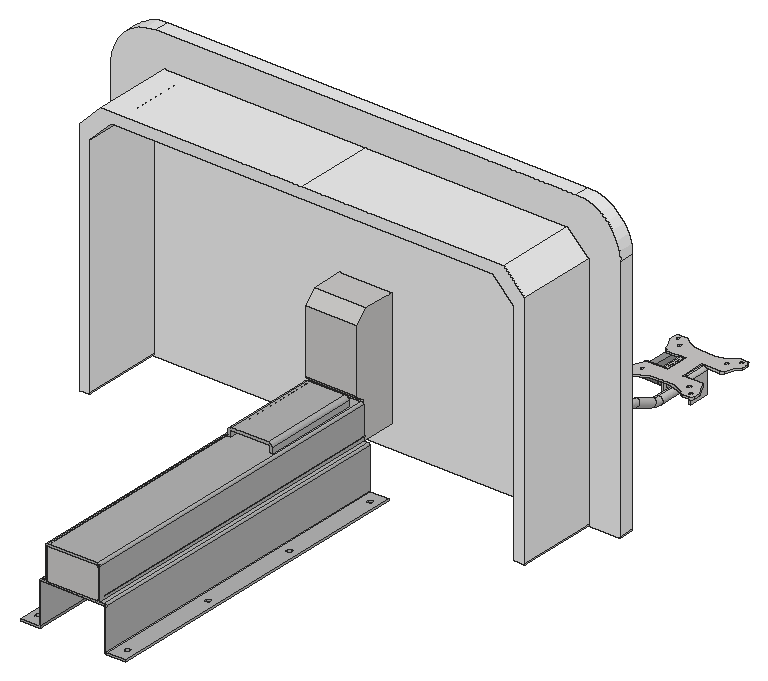
Revit family "Furniture_Office-Desks&Tables_Dandent_DTF46182_Computer-Table", category Furniture, host Face, Revit 2017
Family settings
  Host = Face
  OmniClass Number = 23.40.70.11.14.21
  OmniClass Title = Health Care Furniture
  Cut with Voids When Loaded = No
  Shared = No
  Room Calculation Point = No
Parameters (values of type "Computer table - DTF46182")
  WarrantyStartDate [instance] = "n/a"
  WarrantyGuarantorParts = "n/a"
  WarrantyGuarantorLabor = "n/a"
  WarrantyDurationUnit = "Year"
  WarrantyDurationParts = "n/a"
  WarrantyDurationLabor = "n/a"
  WarrantyDescription = "n/a"
  VersionDate = "12/09/2019"  # constant formula
  Version = "1"  # constant formula
  Uniclass2015Reference = "Pr_40_50_52"
  Uniclass2015Description = "Medical desks, tables and worktops"
  Uniclass2 = "Pr_40_50"
  URL = "https://www.dandent.se/dandent-datormobler/datorbord"
  Type Comments = ""
  TagNumber [instance] = "n/a"
  SustainabilityPerformance = "n/a"
  Style = "n/a"
  Size = "800x490x980 mm"
  Shape = "Sculptured"
  SerialNumber [instance] = "n/a"
  Revision = "n/a"
  ReplacementCost = "n/a"
  ProductInformation = "Wall-mounted height-adjustable computer table. Used in treatment rooms and operating rooms to easily adjust posture to standing or sitting."
  ProductDatasheet = "https://www.dandent.se/images/pdf/Dandent_Datorbord.pdf"
  Product data url = "https://www.bimobject.com/dandent/product/dtf46182"
  NominalLength = 800 mm
  NominalHeight = 983.6 mm
  NominalDepth = 491.745 mm
  Name = "Dandent_DTF46182_Computer-Table"
  NBSReference = "45-35-80/380"
  NBSDescription = "Medical desks, tables and worktops"
  ModelReference = "n/a"
  ModelNumber = "DTF46182"
  Model = "Computer table - DTF46182"
  Material = "Steel, wood, plastic"
  ManufacturerURL = "https://www.dandent.se/"
  ManufacturerName = "Dandent"
  Manufacturer = "Dandent"
  MainColor = "White"
  InstallationDate [instance] = "n/a"
  IfcExportType = "UNDEFINED"  # constant formula
  IfcExportAs = "IfcFurnitureType"  # constant formula
  Grade = "n/a"
  Finish = "Table available in white, birch or beech laminate"
  Features = "Electric raising and lowering"
  ExpectedLife = "n/a"
  DurationUnit = "Year"
  Description = "Wall-mounted height-adjustable computer table. Used in treatment rooms and operating rooms to easily adjust posture to standing or sitting."
  Default Elevation = 0 mm
  ConvergoRefNr = "0151-1909-0012-SE"
  Constituents = "n/a"
  Color = "White"
  CodePerformance = "n/a"
  Category = "Computer furniture"
  Brand = "Dandent"
  Barcode [instance] = "n/a"
  BIMObjectName = "Furniture_Office-Desks&Tables_Dandent_DTF46182_Computer-Table"
  Author = "Convergo AB"  # constant formula
  AssetType = "Fixed"
  AssetIdentifier [instance] = "n/a"
  Assembly Code = ""
  ArmSecondaryMaterial [instance] = White wood
  ArmMainMaterial = White steel
  AccessibilityPerformance = "n/a"
Reference planes
  plane 1 "Center (Front/Back)": y = 0
  plane 2: z = 0
  plane 3 "Center (Left/Right)": x = 0
  plane 4: x = -400
  plane 5: x = 400
  plane 6: y = 491.8
  plane 7: y = -491.8
  plane 8: z = 491.745
Dimensions and locks
  equal spacing: plane 4, plane 3 "Center (Left/Right)", plane 5
  equal spacing: plane 6, plane 1 "Center (Front/Back)", plane 7
  "NominalHeight": plane 6 to plane 7
  "NominalLength": plane 4 to plane 5
  "NominalDepth": plane 8 to level
  aligned and locked: plane 2 to host face
  aligned and locked: level to host face
Automatic sketch dimensions
  host sketch curve to host sketch curve = 2438.4 mm  (x2)
Nested families
  nested 1: "DTF46182 (bredd 800, djup 460)" at (0, -48.188, 0), Main <- "ArmMainMaterial", TableTop <- "ArmSecondaryMaterial", type "DTF46182 (bredd 800, djup 460)"
    with TableTop White wood, Main White steel
Definition of nested family "DTF46182 (bredd 800, djup 460)"
  Parameters (values of type "DTF46182 (bredd 800, djup 460)")
    TableTop [instance] = none
    Main [instance] = none
    Default Elevation = 1219.2 mm
  Reference planes
    plane 1 "Center (Front/Back)": y = 0
    plane 2: z = 0
    plane 3 "Center (Left/Right)": x = 0
    plane 4: z = 491.745
    plane 5: y = -443.612
    plane 6: x = -400
    plane 7: x = 400
    plane 8: y = 539.96
  Forms (mm)
    Extrusion 1, solid
      sketch origin (0, 0, 0) x (1, 0, 0) y (0, 1, 0)
        loop
          line (-1219.2, 1219.2) -> (-1219.2, -1219.2) -> (1219.2, -1219.2) -> (1219.2, 1219.2) -> (-1219.2, 1219.2)
      from 0 to -304.8
    Extrusion 2, solid, material <- "TableTop", detail levels medium+fine
      sketch origin (0, 0, 0) x (1, 0, 0) y (0, 0, 1)
        loop
          line (-397, 31.755) -> (397, 31.755)
          arc (397, 31.755) -> (399.121, 32.633) -> (400, 34.755) r 3
          line (400, 34.755) -> (400, 421.745)
          arc (400, 421.745) -> (379.497, 471.243) -> (330, 491.745) r 70
          line (330, 491.745) -> (-330, 491.745)
          arc (-330, 491.745) -> (-379.497, 471.243) -> (-400, 421.745) r 70
          line (-400, 421.745) -> (-400, 34.755)
          arc (-400, 34.755) -> (-399.121, 32.633) -> (-397, 31.755) r 3
      from -154.879 to -131.881
    Extrusion 3, solid, detail levels medium+fine
      sketch origin (-220, 33.819, -695.576) x (1, 0, 0) y (0, 1, 0)
        loop
          line (-42, 506.141) -> (-52, 506.141)
          arc (-52, 506.141) -> (-55.536, 504.676) -> (-57, 501.141) r 5
          line (-57, 501.141) -> (-57, 491.141)
          arc (-57, 491.141) -> (-50.774, 481.202) -> (-46.295, 470.364) r 69.996
          arc (-46.295, 470.364) -> (-44.482, 467.843) -> (-41.53, 466.879) r 5
          line (-41.53, 466.879) -> (-13, 466.879) -> (-13, 432.379) -> (-13, 429.879) -> (-42.032, 429.879)
          arc (-42.032, 429.879) -> (-44.933, 428.952) -> (-46.757, 426.515) r 5
          arc (-46.757, 426.515) -> (-51.136, 416.435) -> (-57, 407.141) r 71.886
          line (-57, 407.141) -> (-57, 397.141)
          arc (-57, 397.141) -> (-55.536, 393.605) -> (-52, 392.141) r 5
          line (-52, 392.141) -> (-42, 392.141)
          arc (-42, 392.141) -> (-24.961, 401.539) -> (-5.994, 405.883) r 69.999
          arc (-5.994, 405.883) -> (0, 406.141) -> (5.994, 405.883) r 70
          arc (5.994, 405.883) -> (24.961, 401.539) -> (42, 392.141) r 69.999
          line (42, 392.141) -> (52, 392.141)
          arc (52, 392.141) -> (55.536, 393.605) -> (57, 397.141) r 5
          line (57, 397.141) -> (57, 407.141)
          arc (57, 407.141) -> (51.136, 416.435) -> (46.757, 426.515) r 71.886
          arc (46.757, 426.515) -> (44.933, 428.952) -> (42.032, 429.879) r 5
          line (42.032, 429.879) -> (13, 429.879) -> (13, 432.379) -> (13, 466.879) -> (41.53, 466.879)
          arc (41.53, 466.879) -> (44.482, 467.843) -> (46.295, 470.364) r 5
          arc (46.295, 470.364) -> (50.774, 481.202) -> (57, 491.141) r 69.996
          line (57, 491.141) -> (57, 501.141)
          arc (57, 501.141) -> (55.536, 504.676) -> (52, 506.141) r 5
          line (52, 506.141) -> (42, 506.141)
          arc (42, 506.141) -> (22.136, 495.733) -> (0, 492.141) r 69.999
          arc (0, 492.141) -> (-22.136, 495.733) -> (-42, 506.141) r 69.999
        loop
          circle (-49.485, 498.64) r 2.5
        loop
          circle (-36.757, 485.912) r 2.5
        loop
          circle (-49.485, 399.641) r 2.5
        loop
          circle (-36.757, 412.369) r 2.5
        loop
          circle (49.485, 498.64) r 2.5
        loop
          circle (36.757, 485.912) r 2.5
        loop
          circle (49.485, 399.641) r 2.5
        loop
          circle (36.757, 412.369) r 2.5
      from 749.821 to 752.821
    Extrusion 4, solid, detail levels medium+fine
      sketch origin (-220, 33.819, -695.576) x (1, 0, 0) y (0, 0, 1)
        loop
          line (-23, 714.299) -> (-20, 714.299) -> (-20, 747.821)
          arc (-20, 747.821) -> (-19.414, 749.235) -> (-18, 749.821) r 2
          line (-18, 749.821) -> (-13, 749.821) -> (-13, 752.821) -> (-18, 752.821)
          arc (-18, 752.821) -> (-21.536, 751.356) -> (-23, 747.821) r 5
          line (-23, 747.821) -> (-23, 714.299)
        loop
          line (23, 714.105) -> (23, 747.821)
          arc (23, 747.821) -> (21.536, 751.356) -> (18, 752.821) r 5
          line (18, 752.821) -> (13, 752.821) -> (13, 749.821) -> (18, 749.821)
          arc (18, 749.821) -> (19.414, 749.235) -> (20, 747.821) r 2
          line (20, 747.821) -> (20, 714.105) -> (23, 714.105)
      from -464.353 to -432.469
    Extrusion 5, solid, detail levels medium+fine
      sketch origin (-220, 33.819, -695.576) x (0, 1, 0) y (0, 0, 1)
        loop
          arc (454.545, 717.616) -> (448.379, 738.819) -> (442.213, 717.616) r 11.498
          arc (442.213, 717.616) -> (448.379, 715.823) -> (454.545, 717.616) r 11.498
      from -20 to 20
    Extrusion 6, solid, detail levels medium+fine
      sketch origin (-220, 1209.52, -416.634) x (0, 0, 1) y (0, -1, 0)
        loop
          arc (443.275, 672.876) -> (448.395, 662.301) -> (453.464, 672.901) r 6.519
          arc (453.464, 672.901) -> (453.126, 673.523) -> (453.025, 674.223) r 2
          line (453.025, 674.223) -> (454.648, 720.536) -> (442.084, 720.536) -> (443.707, 674.19)
          arc (443.707, 674.19) -> (443.608, 673.495) -> (443.275, 672.876) r 2
      from -63.098 to -52.489
    Extrusion 7, solid, detail levels medium+fine
      sketch origin (-220, 1209.52, -416.634) x (0, 0, 1) y (0, -1, 0)
        loop
          arc (455.113, 718.909) -> (448.376, 738.097) -> (441.651, 718.904) r 10.776
          arc (441.651, 718.904) -> (448.383, 716.546) -> (455.113, 718.909) r 10.776
      from -63.098 to -32.6
    Extrusion 8, solid, detail levels medium+fine
      sketch origin (-220, 33.819, -695.576) x (0, 1, 0) y (0, 0, 1)
        loop
          circle (448.379, 727.321) r 7.319
      from -32.6 to -23
    Sweep 9, solid, detail levels medium+fine
      path origin (-220, 33.819, -695.576) x (0, 1, 0) y (0, 0, 1)
        loop
          line (159.558, 753.321) -> (338.112, 753.321)
          arc (338.112, 753.321) -> (346.487, 752.457) -> (354.508, 749.9) r 41
          line (354.508, 749.9) -> (386.961, 735.741)
          arc (386.961, 735.741) -> (392.634, 733.932) -> (398.558, 733.321) r 29
          line (398.558, 733.321) -> (440.893, 733.321)
      profile origin (-220, 282.654, 57.745) x (0, 0, 1) y (1, 0, 0)
        loop
          circle (-6, 0) r 6
    Extrusion 10, solid, material <- "Main", detail levels coarse
      sketch origin (0, 0, 0) x (1, 0, 0) y (0, 1, 0)
        loop
          line (400, 539.96) -> (-400, 539.96) -> (-400, -443.612) -> (400, -443.612) -> (400, 539.96)
      from 0 to 491.745
    Extrusion 11, solid, detail levels medium+fine
      sketch origin (0, 0, 0) x (1, 0, 0) y (0, 0, 1)
        loop
          arc (-350, 34.277) -> (-349.421, 32.879) -> (-348.024, 32.301) r 1.976
          line (-348.024, 32.301) -> (-334.969, 32.301)
          arc (-334.969, 32.301) -> (-333.577, 32.877) -> (-333, 34.269) r 1.969
          line (-333, 34.269) -> (-333, 390.811) -> (-299.066, 424.745) -> (0, 424.745) -> (299.066, 424.745) -> (333, 390.811) -> (333, 34.269)
          arc (333, 34.269) -> (333.577, 32.877) -> (334.969, 32.301) r 1.969
          line (334.969, 32.301) -> (348.024, 32.301)
          arc (348.024, 32.301) -> (349.421, 32.879) -> (350, 34.277) r 1.976
          line (350, 34.277) -> (350, 407.804) -> (316.059, 441.745) -> (0, 441.745) -> (-316.059, 441.745) -> (-350, 407.804) -> (-350, 34.277)
      from -131.881 to -6.879
    Extrusion 12, solid, detail levels medium+fine
      sketch origin (0, 0, 0) x (1, 0, 0) y (0, 0, 1)
        loop
          arc (-52.5, 3.5) -> (-52.793, 2.793) -> (-53.5, 2.5) r 1
          line (-53.5, 2.5) -> (-82.5, 2.5) -> (-82.5, 0) -> (-53.5, 0)
          arc (-53.5, 0) -> (-51.025, 1.025) -> (-50, 3.5) r 3.5
          line (-50, 3.5) -> (-50, 66.457)
          arc (-50, 66.457) -> (-49.695, 67.195) -> (-48.957, 67.5) r 1.043
          line (-48.957, 67.5) -> (48.957, 67.5)
          arc (48.957, 67.5) -> (49.695, 67.195) -> (50, 66.457) r 1.043
          line (50, 66.457) -> (50, 3.5)
          arc (50, 3.5) -> (51.025, 1.025) -> (53.5, 0) r 3.5
          line (53.5, 0) -> (82.5, 0) -> (82.5, 2.5) -> (53.5, 2.5)
          arc (53.5, 2.5) -> (52.793, 2.793) -> (52.5, 3.5) r 1
          line (52.5, 3.5) -> (52.5, 66.533)
          arc (52.5, 66.533) -> (51.485, 68.984) -> (49.033, 70) r 3.467
          line (49.033, 70) -> (42.75, 70) -> (42.75, 120.047)
          arc (42.75, 120.047) -> (41.739, 122.489) -> (39.297, 123.5) r 3.453
          line (39.297, 123.5) -> (-39.297, 123.5)
          arc (-39.297, 123.5) -> (-41.739, 122.489) -> (-42.75, 120.047) r 3.453
          line (-42.75, 120.047) -> (-42.75, 70) -> (-49.033, 70)
          arc (-49.033, 70) -> (-51.485, 68.984) -> (-52.5, 66.533) r 3.467
          line (-52.5, 66.533) -> (-52.5, 3.5)
        loop
          arc (-39.287, 121) -> (-39.968, 120.718) -> (-40.25, 120.037) r 0.963
          line (-40.25, 120.037) -> (-40.25, 70) -> (40.25, 70) -> (40.25, 120.037)
          arc (40.25, 120.037) -> (39.968, 120.718) -> (39.287, 121) r 0.963
          line (39.287, 121) -> (-39.287, 121)
      from -73.474 to 443.612
    Extrusion 13, solid, detail levels medium+fine
      sketch origin (0, 0, 0) x (1, 0, 0) y (0, 0, 1)
        loop
          line (-35, 123.5) -> (-31, 123.5) -> (-31, 131.514)
          arc (-31, 131.514) -> (-30.418, 132.918) -> (-29.014, 133.5) r 1.986
          line (-29.014, 133.5) -> (29, 133.5)
          arc (29, 133.5) -> (30.414, 132.914) -> (31, 131.5) r 2
          line (31, 131.5) -> (31, 123.5) -> (35, 123.5) -> (35, 131.5)
          arc (35, 131.5) -> (33.243, 135.743) -> (29, 137.5) r 6
          line (29, 137.5) -> (-29.038, 137.5)
          arc (-29.038, 137.5) -> (-33.254, 135.754) -> (-35, 131.538) r 5.962
          line (-35, 131.538) -> (-35, 123.5)
      from -54.803 to 95.112
    Extrusion 14, void
      sketch origin (0, 0, 0) x (1, 0, 0) y (0, 1, 0)
        loop
          circle (-70, -105.581) r 3.995
        loop
          circle (-70, -264.582) r 3.995
        loop
          circle (-70, -423.618) r 3.995
        loop
          circle (-70, 53.185) r 3.995
        loop
          circle (70, -105.581) r 3.995
        loop
          circle (70, -264.582) r 3.995
        loop
          circle (70, -423.618) r 3.995
        loop
          circle (70, 53.185) r 3.995
      from -68.247 to 250
    Extrusion 15, solid, detail levels medium+fine
      sketch origin (0, 0, 0) x (1, 0, 0) y (0, 0, 1)
        loop
          line (36.25, 121) -> (-36.25, 121)
          arc (-36.25, 121) -> (-39.079, 119.828) -> (-40.25, 117) r 4
          line (-40.25, 117) -> (-40.25, 74)
          arc (-40.25, 74) -> (-39.079, 71.172) -> (-36.25, 70) r 4
          line (-36.25, 70) -> (36.25, 70)
          arc (36.25, 70) -> (39.078, 71.172) -> (40.25, 74) r 4
          line (40.25, 74) -> (40.25, 117)
          arc (40.25, 117) -> (39.078, 119.828) -> (36.25, 121) r 4
      from -79.277 to 443.612
    Extrusion 16, solid, detail levels medium+fine
      sketch origin (0, -7.006, 0) x (0, 1, 0) y (0, 0, 1)
        loop
          line (84.343, 67.5) -> (138.888, 67.5) -> (138.888, 252.454) -> (89.026, 252.454) -> (71.348, 234.776) -> (71.348, 134.776) -> (79.343, 126.781) -> (84.343, 126.781) -> (84.343, 67.5)
      from -40.25 to 40.25
    Extrusion 17, solid, detail levels medium+fine
      sketch origin (220, 33.819, -695.576) x (0, 1, 0) y (0, 0, -1)
        loop
          arc (454.545, -717.616) -> (448.379, -715.823) -> (442.213, -717.616) r 11.498
          arc (442.213, -717.616) -> (448.379, -738.819) -> (454.545, -717.616) r 11.498
      from -20 to 20
    Sweep 18, solid, detail levels medium+fine
      path origin (220, 33.819, -695.576) x (0, 1, 0) y (0, 0, -1)
        loop
          line (159.558, -753.321) -> (338.112, -753.321)
          arc (338.112, -753.321) -> (346.487, -752.457) -> (354.508, -749.9) r 41
          line (354.508, -749.9) -> (386.961, -735.741)
          arc (386.961, -735.741) -> (392.634, -733.932) -> (398.558, -733.321) r 29
          line (398.558, -733.321) -> (440.893, -733.321)
      profile origin (220, 282.654, 57.745) x (0, 0, -1) y (-1, 0, 0)
        loop
          circle (6, 0) r 6
    Extrusion 19, solid, detail levels medium+fine
      sketch origin (220, 33.819, -695.576) x (1, 0, 0) y (0, 1, 0)
        loop
          line (-42, 506.141) -> (-52, 506.141)
          arc (-52, 506.141) -> (-55.536, 504.676) -> (-57, 501.141) r 5
          line (-57, 501.141) -> (-57, 491.141)
          arc (-57, 491.141) -> (-50.774, 481.202) -> (-46.295, 470.364) r 69.996
          arc (-46.295, 470.364) -> (-44.482, 467.843) -> (-41.53, 466.879) r 5
          line (-41.53, 466.879) -> (-13, 466.879) -> (-13, 432.379) -> (-13, 429.879) -> (-42.032, 429.879)
          arc (-42.032, 429.879) -> (-44.933, 428.952) -> (-46.757, 426.515) r 5
          arc (-46.757, 426.515) -> (-51.136, 416.435) -> (-57, 407.141) r 71.886
          line (-57, 407.141) -> (-57, 397.141)
          arc (-57, 397.141) -> (-55.536, 393.605) -> (-52, 392.141) r 5
          line (-52, 392.141) -> (-42, 392.141)
          arc (-42, 392.141) -> (-24.961, 401.539) -> (-5.994, 405.883) r 69.999
          arc (-5.994, 405.883) -> (0, 406.141) -> (5.994, 405.883) r 70
          arc (5.994, 405.883) -> (24.961, 401.539) -> (42, 392.141) r 69.999
          line (42, 392.141) -> (52, 392.141)
          arc (52, 392.141) -> (55.536, 393.605) -> (57, 397.141) r 5
          line (57, 397.141) -> (57, 407.141)
          arc (57, 407.141) -> (51.136, 416.435) -> (46.757, 426.515) r 71.886
          arc (46.757, 426.515) -> (44.933, 428.952) -> (42.032, 429.879) r 5
          line (42.032, 429.879) -> (13, 429.879) -> (13, 432.379) -> (13, 466.879) -> (41.53, 466.879)
          arc (41.53, 466.879) -> (44.482, 467.843) -> (46.295, 470.364) r 5
          arc (46.295, 470.364) -> (50.774, 481.202) -> (57, 491.141) r 69.996
          line (57, 491.141) -> (57, 501.141)
          arc (57, 501.141) -> (55.536, 504.676) -> (52, 506.141) r 5
          line (52, 506.141) -> (42, 506.141)
          arc (42, 506.141) -> (22.136, 495.733) -> (0, 492.141) r 69.999
          arc (0, 492.141) -> (-22.136, 495.733) -> (-42, 506.141) r 69.999
        loop
          circle (-49.485, 498.64) r 2.5
        loop
          circle (-36.757, 485.912) r 2.5
        loop
          circle (-49.485, 399.641) r 2.5
        loop
          circle (-36.757, 412.369) r 2.5
        loop
          circle (49.485, 498.64) r 2.5
        loop
          circle (36.757, 485.912) r 2.5
        loop
          circle (49.485, 399.641) r 2.5
        loop
          circle (36.757, 412.369) r 2.5
      from 749.821 to 752.821
    Extrusion 20, solid, detail levels medium+fine
      sketch origin (220, 33.819, -695.576) x (1, 0, 0) y (0, 0, 1)
        loop
          line (-23, 714.299) -> (-20, 714.299) -> (-20, 747.821)
          arc (-20, 747.821) -> (-19.414, 749.235) -> (-18, 749.821) r 2
          line (-18, 749.821) -> (-13, 749.821) -> (-13, 752.821) -> (-18, 752.821)
          arc (-18, 752.821) -> (-21.536, 751.356) -> (-23, 747.821) r 5
          line (-23, 747.821) -> (-23, 714.299)
        loop
          line (23, 714.105) -> (23, 747.821)
          arc (23, 747.821) -> (21.536, 751.356) -> (18, 752.821) r 5
          line (18, 752.821) -> (13, 752.821) -> (13, 749.821) -> (18, 749.821)
          arc (18, 749.821) -> (19.414, 749.235) -> (20, 747.821) r 2
          line (20, 747.821) -> (20, 714.105) -> (23, 714.105)
      from -464.353 to -432.469
    Extrusion 21, solid, detail levels medium+fine
      sketch origin (220, 1209.52, -416.634) x (0, 0, 1) y (0, -1, 0)
        loop
          arc (443.275, 672.876) -> (448.395, 662.301) -> (453.464, 672.901) r 6.519
          arc (453.464, 672.901) -> (453.126, 673.523) -> (453.025, 674.223) r 2
          line (453.025, 674.223) -> (454.648, 720.536) -> (442.084, 720.536) -> (443.707, 674.19)
          arc (443.707, 674.19) -> (443.608, 673.495) -> (443.275, 672.876) r 2
      from -63.098 to -52.489
    Extrusion 22, solid, detail levels medium+fine
      sketch origin (220, 1209.52, -416.634) x (0, 0, 1) y (0, -1, 0)
        loop
          arc (455.113, 718.909) -> (448.376, 738.097) -> (441.651, 718.904) r 10.776
          arc (441.651, 718.904) -> (448.383, 716.546) -> (455.113, 718.909) r 10.776
      from -63.098 to -32.6
    Extrusion 23, solid, detail levels medium+fine
      sketch origin (220, 33.819, -695.576) x (0, 1, 0) y (0, 0, 1)
        loop
          circle (448.379, 727.321) r 7.319
      from -32.6 to -23
    Extrusion 24, solid, detail levels medium+fine
      sketch origin (0, 0, 0) x (0, 1, 0) y (0, 0, 1)
        loop
          line (236.379, 62.245) -> (236.379, 41.245)
          arc (236.379, 41.245) -> (236.525, 40.892) -> (236.879, 40.745) r 0.5
          line (236.879, 40.745) -> (257.879, 40.745)
          arc (257.879, 40.745) -> (258.232, 40.892) -> (258.379, 41.245) r 0.5
          line (258.379, 41.245) -> (258.379, 62.24)
          arc (258.379, 62.24) -> (258.231, 62.597) -> (257.874, 62.745) r 0.505
          line (257.874, 62.745) -> (236.879, 62.745)
          arc (236.879, 62.745) -> (236.525, 62.599) -> (236.379, 62.245) r 0.5
        loop
          line (234.879, 62.245) -> (234.879, 41.245)
          arc (234.879, 41.245) -> (235.465, 39.831) -> (236.879, 39.245) r 2
          line (236.879, 39.245) -> (257.879, 39.245)
          arc (257.879, 39.245) -> (259.293, 39.831) -> (259.879, 41.245) r 2
          line (259.879, 41.245) -> (259.879, 62.24)
          arc (259.879, 62.24) -> (259.292, 63.658) -> (257.874, 64.245) r 2.005
          line (257.874, 64.245) -> (236.879, 64.245)
          arc (236.879, 64.245) -> (235.465, 63.659) -> (234.879, 62.245) r 2
      from -210 to 210
    Extrusion 25, solid, detail levels medium+fine
      sketch origin (0, 0, 0) x (1, 0, 0) y (0, 0, 1)
        loop
          line (220, 61.745) -> (-5, 61.745) -> (-220, 61.745)
          arc (-220, 61.745) -> (-229.999, 51.746) -> (-220, 41.746) r 9.999
          line (-220, 41.746) -> (5, 41.746) -> (220, 41.746)
          arc (220, 41.746) -> (229.999, 51.746) -> (220, 61.745) r 9.999
      from -257 to -237
    Revolve 26, solid, detail levels medium+fine
      sketch origin (0, 0, 0) x (0, 1, 0) y (0, 0, 1)
        loop
          line (234.879, 51.745) -> (234.879, 61.233) -> (154.879, 61.233) -> (154.879, 51.745) -> (234.879, 51.745)
        axis (234.879, 51.745) -> (154.879, 51.745)
      angle from 0 to 360
  Cuts and joins
    joined: Extrusion 3, Extrusion 4
    joined: Extrusion 6, Extrusion 7
    joined: Extrusion 5, Sweep 9
    Extrusion 14 cuts Extrusion 12
    joined: Extrusion 12, Extrusion 13
  Lines and regions (mm)
    symbolic lines, detail levels medium+fine
      curve 1: line (0, 539.96, 57.245) -> (0, 425.96, 57.245)
      curve 2: line (0, 425.96, 57.245) -> (0, 425.96, 54.245)
      curve 3: line (0, 425.96, 54.245) -> (0, 466.199, 54.245)
      curve 4: line (0, 539.96, 57.245) -> (0, 539.96, 54.245)
      curve 5: line (0, 539.96, 54.245) -> (0, 498.199, 54.245)
      curve 8: line (0, 498.199, 52.245) -> (0, 496.128, 37.509)
      curve 9: line (0, 466.199, 52.245) -> (0, 468.237, 37.745)
      curve 10: arc (0, 493.801, 25.9) -> (0, 482.286, 18.754) -> (0, 470.676, 25.745) r 12.991
      curve 16: arc (0, 529.112, 26.87) -> (0, 539.96, 31.732) -> (0, 529.132, 36.638) r 6.519
      curve 17: arc (0, 529.132, 36.638) -> (0, 528.793, 36.439) -> (0, 528.405, 36.378) r 1.045
      curve 18: arc (0, 528.437, 27.113) -> (0, 528.797, 27.057) -> (0, 529.112, 26.87) r 0.966
      curve 19: line (0, 468.237, 37.745) -> (0, 432.377, 37.745)
      curve 20: line (0, 470.676, 25.745) -> (0, 432.377, 25.745)
      curve 21: line (0, 388.328, 54.324) -> (0, 420.78, 40.165)
      curve 22: line (0, 415.948, 29.18) -> (0, 383.629, 43.315)
      curve 25: arc (0, 432.377, 37.745) -> (0, 426.454, 38.356) -> (0, 420.78, 40.165) r 29
      curve 26: arc (0, 432.377, 25.745) -> (0, 423.985, 26.613) -> (0, 415.948, 29.18) r 41
      curve 27: arc (0, 371.932, 57.745) -> (0, 380.306, 56.881) -> (0, 388.328, 54.324) r 41
      curve 28: arc (0, 371.874, 45.745) -> (0, 377.827, 45.14) -> (0, 383.529, 43.325) r 29
      curve 29: line (0, 152.874, 32.31) -> (0, 133.881, 32.31)
      curve 31: line (0, 152.879, 491.745) -> (0, 133.881, 491.745)
      curve 32: line (0, 154.879, 489.745) -> (0, 154.879, 61.233)
      curve 33: arc (0, 154.879, 34.315) -> (0, 154.292, 32.897) -> (0, 152.874, 32.31) r 2.005
      curve 34: arc (0, 133.881, 32.31) -> (0, 132.467, 32.896) -> (0, 131.881, 34.31) r 2
      curve 35: arc (0, 154.879, 489.745) -> (0, 154.293, 491.159) -> (0, 152.879, 491.745) r 2
      curve 36: arc (0, 133.881, 491.745) -> (0, 132.467, 491.159) -> (0, 131.881, 489.745) r 2
      curve 37: line (0, 498.199, 54.245) -> (0, 498.199, 52.245)
      curve 38: line (0, 466.199, 54.245) -> (0, 466.199, 52.245)
      curve 43: arc (-262, 539.96, 0) -> (-242.136, 529.552, 0) -> (-220, 525.96, 0) r 69.999
      curve 44: line (-262, 539.96, 0) -> (-272, 539.96, 0)
      curve 45: line (-277, 524.96, 0) -> (-277, 534.96, 0)
      curve 46: arc (-277, 534.96, 0) -> (-275.536, 538.495, 0) -> (-272, 539.96, 0) r 5
      curve 47: line (-261.53, 500.699, 0) -> (-233, 500.699, 0)
      curve 48: arc (-277, 524.96, 0) -> (-270.774, 515.021, 0) -> (-266.295, 504.183, 0) r 69.996
      curve 49: arc (-266.295, 504.183, 0) -> (-264.481, 501.663, 0) -> (-261.53, 500.699, 0) r 5
      curve 52: line (-233, 500.699, 0) -> (-233, 498.199, 0)
      curve 53: line (-233, 498.199, 0) -> (-243, 498.199, 0)
      curve 54: line (-243, 498.199, 0) -> (-243, 490.199, 0)
      curve 55: line (-243, 466.199, 0) -> (-233, 466.199, 0)
      curve 56: line (-233, 466.199, 0) -> (-233, 463.699, 0)
      curve 57: line (-243, 490.199, 0) -> (-244.6, 490.199, 0)
      curve 58: line (-244.6, 490.199, 0) -> (-244.6, 489.449, 0)
      curve 59: line (-244.6, 474.199, 0) -> (-243, 474.199, 0)
      curve 60: line (-252.6, 474.949, 0) -> (-244.6, 474.949, 0)
      curve 61: line (-252.6, 489.449, 0) -> (-244.6, 489.449, 0)
      curve 62: line (-267.113, 493.699, 0) -> (-253.899, 493.699, 0)
      curve 63: line (-252.6, 471.999, 0) -> (-252.6, 474.949, 0)
      curve 64: arc (-252.6, 492.4, 0) -> (-252.98, 493.318, 0) -> (-253.899, 493.699, 0) r 1.299
      curve 65: line (-267.113, 470.699, 0) -> (-253.9, 470.699, 0)
      curve 66: arc (-253.9, 470.699, 0) -> (-252.981, 471.08, 0) -> (-252.6, 471.999, 0) r 1.3
      curve 67: line (-267.113, 470.699, 0) -> (-280.448, 471.398, 0)
      curve 68: line (-267.113, 493.699, 0) -> (-280.438, 493, 0)
      curve 69: line (-281.693, 491.678, 0) -> (-281.693, 472.71, 0)
      curve 70: arc (-281.693, 472.71, 0) -> (-281.332, 471.805, 0) -> (-280.448, 471.398, 0) r 1.314
      curve 71: arc (-280.438, 493, 0) -> (-281.33, 492.59, 0) -> (-281.693, 491.678, 0) r 1.324
      curve 72: arc (-262, 425.96, 0) -> (-244.961, 435.358, 0) -> (-225.994, 439.703, 0) r 69.999
      curve 73: line (-262, 425.96, 0) -> (-272, 425.96, 0)
      curve 74: line (-277, 440.96, 0) -> (-277, 430.96, 0)
      curve 75: arc (-277, 430.96, 0) -> (-275.536, 427.424, 0) -> (-272, 425.96, 0) r 5
      curve 76: line (-262.032, 463.699, 0) -> (-233, 463.699, 0)
      curve 79: arc (-277, 440.96, 0) -> (-271.136, 450.255, 0) -> (-266.757, 460.335, 0) r 71.886
      curve 80: arc (-266.757, 460.335, 0) -> (-264.932, 462.772, 0) -> (-262.032, 463.699, 0) r 5
      curve 81: line (-225.994, 439.703, 0) -> (-225.994, 257.379, 0)
      curve 83: line (-400, 152.744, 0) -> (-400, 133.653, 0)
      curve 84: arc (-398.047, 154.696, 0) -> (-399.428, 154.124, 0) -> (-400, 152.744, 0) r 1.953
      curve 85: arc (-400, 133.653, 0) -> (-399.428, 132.271, 0) -> (-398.046, 131.699, 0) r 1.954
      curve 87: line (-9.5, 154.696, 0) -> (-398.047, 154.696, 0)
      curve 90: line (-252.6, 489.449, 0) -> (-252.6, 492.4, 0)
      curve 92: line (-244.6, 474.949, 0) -> (-244.6, 474.199, 0)
      curve 93: line (-243, 474.199, 0) -> (-243, 466.199, 0)
      curve 95: arc (-178, 539.96, 0) -> (-197.864, 529.552, 0) -> (-220, 525.96, 0) r 69.999
      curve 96: line (-178, 539.96, 0) -> (-168, 539.96, 0)
      curve 97: line (-163, 524.96, 0) -> (-163, 534.96, 0)
      curve 98: arc (-163, 534.96, 0) -> (-164.464, 538.495, 0) -> (-168, 539.96, 0) r 5
      curve 99: line (-178.47, 500.699, 0) -> (-207, 500.699, 0)
      curve 100: arc (-163, 524.96, 0) -> (-169.226, 515.021, 0) -> (-173.705, 504.183, 0) r 69.996
      curve 101: arc (-173.705, 504.183, 0) -> (-175.518, 501.663, 0) -> (-178.47, 500.699, 0) r 5
      curve 104: line (-207, 500.699, 0) -> (-207, 498.199, 0)
      curve 105: line (-207, 498.199, 0) -> (-197, 498.199, 0)
      curve 106: line (-197, 498.199, 0) -> (-197, 493.199, 0)
      curve 107: line (-197, 466.199, 0) -> (-207, 466.199, 0)
      curve 108: line (-207, 466.199, 0) -> (-207, 463.699, 0)
      curve 109: line (-197, 493.199, 0) -> (-195, 493.199, 0)
      curve 110: line (-195, 471.199, 0) -> (-197, 471.199, 0)
      curve 111: arc (-178, 425.96, 0) -> (-195.039, 435.358, 0) -> (-214.006, 439.703, 0) r 69.999
      curve 112: line (-178, 425.96, 0) -> (-168, 425.96, 0)
      curve 113: line (-163, 440.96, 0) -> (-163, 430.96, 0)
      curve 114: arc (-163, 430.96, 0) -> (-164.464, 427.424, 0) -> (-168, 425.96, 0) r 5
      curve 115: line (-177.967, 463.699, 0) -> (-207, 463.699, 0)
      curve 118: arc (-163, 440.96, 0) -> (-168.864, 450.255, 0) -> (-173.243, 460.335, 0) r 71.886
      curve 119: arc (-173.243, 460.335, 0) -> (-175.067, 462.772, 0) -> (-177.967, 463.699, 0) r 5
      curve 120: line (-214.006, 439.703, 0) -> (-214.006, 257.379, 0)
      curve 122: line (400, 152.744, 0) -> (400, 133.653, 0)
      curve 123: arc (398.047, 154.696, 0) -> (399.428, 154.124, 0) -> (400, 152.744, 0) r 1.953
      curve 124: arc (400, 133.653, 0) -> (399.428, 132.271, 0) -> (398.046, 131.699, 0) r 1.954
      curve 126: line (9.5, 154.696, 0) -> (398.047, 154.696, 0)
      curve 128: line (-197, 471.199, 0) -> (-197, 466.199, 0)
      curve 131: arc (-195, 471.524, 0) -> (-191.051, 482.028, 0) -> (-195, 492.532, 0) r 15.946
      curve 132: line (-350, 131.699, 0) -> (-350, 8.511, 0)
      curve 133: line (-348.371, 6.882, 0) -> (-82.5, 6.882, 0)
      curve 134: arc (-350, 8.511, 0) -> (-349.523, 7.359, 0) -> (-348.371, 6.882, 0) r 1.629
      curve 135: line (350, 131.699, 0) -> (350, 8.482, 0)
      curve 136: arc (348.4, 6.882, 0) -> (349.531, 7.351, 0) -> (350, 8.482, 0) r 1.6
      curve 142: line (-77.5, -443.612, 0) -> (77.5, -443.612, 0)
      curve 143: line (-82.5, -438.612, 0) -> (-82.5, 6.882, 0)
      curve 144: arc (-82.5, -438.612, 0) -> (-81.036, -442.148, 0) -> (-77.5, -443.612, 0) r 5
      curve 145: line (82.5, -438.612, 0) -> (82.5, 6.882, 0)
      curve 146: arc (82.5, -438.612, 0) -> (81.036, -442.148, 0) -> (77.5, -443.612, 0) r 5
      curve 157: line (-350, 131.699, 0) -> (-398.046, 131.699, 0)
      curve 158: line (350, 131.699, 0) -> (398.046, 131.699, 0)
      curve 160: line (82.5, 6.882, 0) -> (348.4, 6.882, 0)
      curve 161: line (0, 131.881, 441.746) -> (0, 8.879, 441.746)
      curve 162: line (0, 6.879, 439.746) -> (0, 6.879, 137.5)
      curve 164: line (0, 131.881, 34.31) -> (0, 131.881, 31.745)
      curve 165: line (0, 131.881, 31.745) -> (0, 129.876, 31.745)
      curve 167: arc (0, 8.879, 441.746) -> (0, 7.465, 441.16) -> (0, 6.879, 439.746) r 2
      curve 168: line (0, 73.388, 31.745) -> (0, 73.388, 0)
      curve 169: line (0, 73.388, 0) -> (0, -443.612, 0)
      curve 170: line (0, -443.612, 0) -> (0, -443.612, 123.5)
      curve 171: line (0, -443.612, 123.5) -> (0, -95.112, 123.5)
      curve 172: line (0, -95.112, 123.5) -> (0, -95.112, 137.5)
      curve 173: line (0, -95.112, 137.5) -> (0, -78.102, 137.5)
      curve 174: line (0, -62.122, 139.1) -> (0, -62.122, 137.5)
      curve 175: line (0, -62.122, 139.1) -> (0, -63.112, 139.1)
      curve 176: line (0, -78.102, 139.1) -> (0, -78.102, 137.5)
      curve 177: spline (0, -63.112, 139.1) -> (0, -63.134, 139.528) -> (0, -63.2, 139.954) -> (0, -63.31, 140.374) -> (0, -63.462, 140.786) -> (0, -63.656, 141.187) -> (0, -63.891, 141.575) -> (0, -64.165, 141.948) -> (0, -64.476, 142.303) -> (0, -64.823, 142.637) -> (0, -65.203, 142.95) -> (0, -65.614, 143.238) -> (0, -66.053, 143.5)
      curve 178: line (0, -66.053, 143.5) -> (0, -74.171, 143.5)
      curve 179: spline (0, -74.171, 143.5) -> (0, -74.61, 143.238) -> (0, -75.021, 142.95) -> (0, -75.401, 142.637) -> (0, -75.748, 142.303) -> (0, -76.06, 141.948) -> (0, -76.334, 141.575) -> (0, -76.568, 141.187) -> (0, -76.762, 140.786) -> (0, -76.915, 140.374) -> (0, -77.024, 139.954) -> (0, -77.09, 139.528) -> (0, -77.112, 139.1)
      curve 180: line (0, -62.122, 137.5) -> (0, 6.879, 137.5)
      curve 182: line (0, -77.112, 139.1) -> (0, -78.102, 139.1)
      curve 186: line (0, 131.881, 441.746) -> (0, 131.881, 489.745)
      curve 188: line (0, 73.388, 31.745) -> (0, 129.876, 31.745)
      curve 189: line (0, 154.879, 45.745) -> (0, 154.879, 42.257)
      curve 191: line (0, 496.128, 37.509) -> (0, 528.405, 36.378)
      curve 192: line (0, 493.801, 25.9) -> (0, 528.437, 27.113)
      curve 194: line (330, 0, 491.745) -> (-330, 0, 491.745)
      curve 195: line (400, 0, 421.745) -> (400, 0, 33.76)
      curve 196: line (397.995, 0, 31.755) -> (249.001, 0, 31.755)
      curve 197: arc (400, 0, 421.745) -> (379.497, 0, 471.243) -> (330, 0, 491.745) r 70
      curve 198: arc (400, 0, 33.76) -> (399.413, 0, 32.342) -> (397.995, 0, 31.755) r 2.005
      curve 199: line (52.5, 0, 3.484) -> (52.5, 0, 31.755)
      curve 200: line (50, 0, 3.472) -> (50, 0, 31.755)
      curve 201: line (53.484, 0, 2.5) -> (82.5, 0, 2.5)
      curve 202: line (53.472, 0, 0) -> (82.5, 0, 0)
      curve 203: arc (52.5, 0, 3.484) -> (52.788, 0, 2.788) -> (53.484, 0, 2.5) r 0.984
      curve 204: arc (53.472, 0, 0) -> (51.017, 0, 1.017) -> (50, 0, 3.472) r 3.472
      curve 205: line (82.5, 0, 2.5) -> (82.5, 0, 0)
      curve 207: line (50, 0, 31.755) -> (0, 0, 31.755)
      curve 209: line (-225, 193.377, 0) -> (-215, 193.377, 0)
      curve 210: line (-225, 193.377, 0) -> (-225.994, 194.371, 0)
      curve 211: line (-215, 193.377, 0) -> (-214.006, 194.371, 0)
      curve 213: line (-210, 259.879, 0) -> (210, 259.879, 0)
      curve 214: line (-210, 234.879, 0) -> (-210, 237.379, 0)
      curve 215: line (210, 234.879, 0) -> (9.5, 234.879, 0)
      curve 216: line (-210, 257.379, 0) -> (-214.006, 257.379, 0)
      curve 217: line (-210, 237.379, 0) -> (-214.006, 237.379, 0)
      curve 218: line (-229.999, 256.88, 0) -> (-229.999, 237.91, 0)
      curve 219: arc (-229.499, 257.379, 0) -> (-229.852, 257.233, 0) -> (-229.999, 256.88, 0) r 0.499
      curve 220: arc (-229.999, 237.91, 0) -> (-229.843, 237.534, 0) -> (-229.468, 237.379, 0) r 0.531
      curve 221: line (-225.994, 237.379, 0) -> (-225.994, 194.371, 0)
      curve 222: line (-214.006, 237.379, 0) -> (-214.006, 194.371, 0)
      curve 223: line (-225.994, 257.379, 0) -> (-229.499, 257.379, 0)
      curve 225: line (-225.994, 237.379, 0) -> (-229.468, 237.379, 0)
      curve 227: line (-210, 257.379, 0) -> (-210, 259.879, 0)
      curve 229: arc (178, 539.96, 0) -> (197.864, 529.552, 0) -> (220, 525.96, 0) r 69.999
      curve 230: line (178, 539.96, 0) -> (168, 539.96, 0)
      curve 231: line (163, 524.96, 0) -> (163, 534.96, 0)
      curve 232: arc (163, 534.96, 0) -> (164.464, 538.495, 0) -> (168, 539.96, 0) r 5
      curve 233: line (178.47, 500.699, 0) -> (207, 500.699, 0)
      curve 234: arc (163, 524.96, 0) -> (169.226, 515.021, 0) -> (173.705, 504.183, 0) r 69.996
      curve 235: arc (173.705, 504.183, 0) -> (175.519, 501.663, 0) -> (178.47, 500.699, 0) r 5
      curve 238: line (207, 500.699, 0) -> (207, 498.199, 0)
      curve 239: line (207, 498.199, 0) -> (197, 498.199, 0)
      curve 240: line (197, 498.199, 0) -> (197, 490.199, 0)
      curve 241: line (197, 466.199, 0) -> (207, 466.199, 0)
      curve 242: line (207, 466.199, 0) -> (207, 463.699, 0)
      curve 243: line (197, 490.199, 0) -> (195.4, 490.199, 0)
      curve 244: line (195.4, 474.199, 0) -> (197, 474.199, 0)
      curve 245: line (187.4, 474.949, 0) -> (195.4, 474.949, 0)
      curve 246: line (187.4, 489.449, 0) -> (195.4, 489.449, 0)
      curve 247: line (172.887, 493.699, 0) -> (186.101, 493.699, 0)
      curve 248: line (187.4, 471.999, 0) -> (187.4, 474.949, 0)
      curve 249: arc (187.4, 492.4, 0) -> (187.02, 493.318, 0) -> (186.101, 493.699, 0) r 1.299
      curve 250: line (172.887, 470.699, 0) -> (186.1, 470.699, 0)
      curve 251: arc (186.1, 470.699, 0) -> (187.019, 471.08, 0) -> (187.4, 471.999, 0) r 1.3
      curve 252: line (172.887, 470.699, 0) -> (159.552, 471.398, 0)
      curve 253: line (172.887, 493.699, 0) -> (159.562, 493, 0)
      curve 254: line (158.307, 491.678, 0) -> (158.307, 472.71, 0)
      curve 255: arc (158.307, 472.71, 0) -> (158.668, 471.805, 0) -> (159.552, 471.398, 0) r 1.314
      curve 256: arc (159.562, 493, 0) -> (158.67, 492.59, 0) -> (158.307, 491.678, 0) r 1.324
      curve 257: arc (178, 425.96, 0) -> (195.039, 435.358, 0) -> (214.006, 439.703, 0) r 69.999
      curve 258: line (178, 425.96, 0) -> (168, 425.96, 0)
      curve 259: line (163, 440.96, 0) -> (163, 430.96, 0)
      curve 260: arc (163, 430.96, 0) -> (164.464, 427.424, 0) -> (168, 425.96, 0) r 5
      curve 261: line (177.968, 463.699, 0) -> (207, 463.699, 0)
      curve 264: arc (163, 440.96, 0) -> (168.864, 450.255, 0) -> (173.243, 460.335, 0) r 71.886
      curve 265: arc (173.243, 460.335, 0) -> (175.068, 462.772, 0) -> (177.968, 463.699, 0) r 5
      curve 268: line (187.4, 489.449, 0) -> (187.4, 492.4, 0)
      curve 269: line (195.4, 490.199, 0) -> (195.4, 489.449, 0)
      curve 270: line (197, 474.199, 0) -> (197, 466.199, 0)
      curve 272: arc (262, 539.96, 0) -> (242.136, 529.552, 0) -> (220, 525.96, 0) r 69.999
      curve 273: line (262, 539.96, 0) -> (272, 539.96, 0)
      curve 274: line (277, 524.96, 0) -> (277, 534.96, 0)
      curve 275: arc (277, 534.96, 0) -> (275.536, 538.495, 0) -> (272, 539.96, 0) r 5
      curve 276: line (261.53, 500.699, 0) -> (233, 500.699, 0)
      curve 277: arc (277, 524.96, 0) -> (270.774, 515.021, 0) -> (266.295, 504.183, 0) r 69.996
      curve 278: arc (266.295, 504.183, 0) -> (264.482, 501.663, 0) -> (261.53, 500.699, 0) r 5
      curve 281: line (233, 500.699, 0) -> (233, 498.199, 0)
      curve 282: line (233, 498.199, 0) -> (243, 498.199, 0)
      curve 283: line (243, 498.199, 0) -> (243, 493.199, 0)
      curve 284: line (243, 466.199, 0) -> (233, 466.199, 0)
      curve 285: line (233, 466.199, 0) -> (233, 463.699, 0)
      curve 286: line (243, 493.199, 0) -> (245, 493.199, 0)
      curve 287: line (245, 471.199, 0) -> (243, 471.199, 0)
      curve 288: arc (262, 425.96, 0) -> (244.961, 435.358, 0) -> (225.994, 439.703, 0) r 69.999
      curve 289: line (262, 425.96, 0) -> (272, 425.96, 0)
      curve 290: line (277, 440.96, 0) -> (277, 430.96, 0)
      curve 291: arc (277, 430.96, 0) -> (275.536, 427.424, 0) -> (272, 425.96, 0) r 5
      curve 292: line (262.033, 463.699, 0) -> (233, 463.699, 0)
      curve 295: arc (277, 440.96, 0) -> (271.136, 450.255, 0) -> (266.757, 460.335, 0) r 71.886
      curve 296: arc (266.757, 460.335, 0) -> (264.933, 462.772, 0) -> (262.033, 463.699, 0) r 5
      curve 298: line (243, 471.199, 0) -> (243, 466.199, 0)
      curve 301: arc (245, 471.524, 0) -> (248.949, 482.028, 0) -> (245, 492.532, 0) r 15.946
      curve 303: line (195.4, 474.949, 0) -> (195.4, 474.199, 0)
      curve 304: line (225.994, 439.703, 0) -> (225.994, 257.379, 0)
      curve 305: line (214.006, 439.703, 0) -> (214.006, 257.379, 0)
      curve 306: line (225, 193.377, 0) -> (215, 193.377, 0)
      curve 307: line (225, 193.377, 0) -> (225.994, 194.371, 0)
      curve 308: line (215, 193.377, 0) -> (214.006, 194.371, 0)
      curve 310: line (210, 234.879, 0) -> (210, 237.379, 0)
      curve 311: line (210, 257.379, 0) -> (214.006, 257.379, 0)
      curve 312: line (210, 237.379, 0) -> (214.006, 237.379, 0)
      curve 313: line (229.999, 256.88, 0) -> (229.999, 237.91, 0)
      curve 314: arc (229.499, 257.379, 0) -> (229.852, 257.233, 0) -> (229.999, 256.88, 0) r 0.499
      curve 315: arc (229.999, 237.91, 0) -> (229.843, 237.534, 0) -> (229.468, 237.379, 0) r 0.531
      curve 316: line (225.994, 237.379, 0) -> (225.994, 194.371, 0)
      curve 317: line (214.006, 237.379, 0) -> (214.006, 194.371, 0)
      curve 318: line (225.994, 257.379, 0) -> (229.499, 257.379, 0)
      curve 320: line (225.994, 237.379, 0) -> (229.468, 237.379, 0)
      curve 322: line (210, 257.379, 0) -> (210, 259.879, 0)
      curve 324: line (-9.5, 234.879, 0) -> (-9.5, 154.696, 0)
      curve 325: line (9.5, 234.879, 0) -> (9.5, 154.696, 0)
      curve 326: line (-9.5, 234.879, 0) -> (-210, 234.879, 0)
      curve 332: line (0, 234.879, 61.233) -> (0, 154.879, 61.233)
      curve 333: line (0, 234.879, 42.257) -> (0, 154.879, 42.257)
      curve 334: line (0, 257.874, 64.245) -> (0, 236.879, 64.245)
      curve 335: line (0, 259.879, 41.245) -> (0, 259.879, 45.745)
      curve 336: line (0, 236.879, 39.245) -> (0, 257.879, 39.245)
      curve 337: line (0, 234.879, 62.245) -> (0, 234.879, 61.233)
      curve 338: arc (0, 259.879, 62.24) -> (0, 259.292, 63.658) -> (0, 257.874, 64.245) r 2.005
      curve 339: arc (0, 259.879, 41.245) -> (0, 259.293, 39.831) -> (0, 257.879, 39.245) r 2
      curve 340: arc (0, 236.879, 39.245) -> (0, 235.465, 39.831) -> (0, 234.879, 41.245) r 2
      curve 341: arc (0, 234.879, 62.245) -> (0, 235.465, 63.659) -> (0, 236.879, 64.245) r 2
      curve 350: line (0, 259.879, 57.745) -> (0, 259.879, 62.24)
      curve 351: line (0, 259.879, 57.745) -> (0, 371.932, 57.745)
      curve 352: line (0, 259.879, 45.745) -> (0, 371.874, 45.745)
      curve 357: line (0, 234.879, 42.257) -> (0, 234.879, 41.245)
      curve 370: line (0, 154.879, 61.233) -> (0, 154.879, 57.745)
      curve 371: line (0, 154.879, 42.257) -> (0, 154.879, 34.315)
      curve 375: line (243, 0, 18.761) -> (240, 0, 18.761)
      curve 376: line (243, 0, 18.761) -> (243, 0, 20.759)
      curve 378: line (240, 0, 18.761) -> (240, 0, 20.745)
      curve 382: line (245, 0, 20.759) -> (243, 0, 20.759)
      curve 385: line (220, 0, 20.745) -> (240, 0, 20.745)
      curve 390: line (197, 0, 18.761) -> (200, 0, 18.761)
      curve 391: line (197, 0, 18.761) -> (197, 0, 23.755)
      curve 393: line (200, 0, 18.761) -> (200, 0, 20.745)
      curve 396: line (220, 0, 20.745) -> (200, 0, 20.745)
      curve 401: line (186.129, 0, 20.245) -> (170, 0, 20.245)
      curve 402: arc (187.4, 0, 21.516) -> (187.028, 0, 20.617) -> (186.129, 0, 20.245) r 1.271
      curve 405: line (187.4, 0, 24.519) -> (190, 0, 24.519)
      curve 409: line (195.4, 0, 23.755) -> (197, 0, 23.755)
      curve 410: line (158.321, 0, 31.755) -> (158.321, 0, 21.745)
      curve 411: line (190, 0, 24.519) -> (195.4, 0, 24.519)
      curve 412: line (187.4, 0, 24.519) -> (187.4, 0, 21.516)
      curve 413: arc (159.821, 0, 20.245) -> (158.76, 0, 20.684) -> (158.321, 0, 21.745) r 1.5
      curve 414: line (170, 0, 20.245) -> (167.5, 0, 20.245)
      curve 415: line (167.5, 0, 20.245) -> (159.821, 0, 20.245)
      curve 416: arc (249.001, 0, 31.755) -> (247.971, 0, 25.904) -> (245, 0, 20.759) r 17.083
      curve 422: line (195.4, 0, 24.519) -> (195.4, 0, 23.755)
      curve 423: line (158.321, 0, 31.755) -> (52.5, 0, 31.755)
      curve 430: line (-400, 0, 421.745) -> (-400, 0, 33.76)
      curve 431: line (-397.995, 0, 31.755) -> (-249.001, 0, 31.755)
      curve 432: arc (-400, 0, 421.745) -> (-379.497, 0, 471.243) -> (-330, 0, 491.745) r 70
      curve 433: arc (-400, 0, 33.76) -> (-399.413, 0, 32.342) -> (-397.995, 0, 31.755) r 2.005
      curve 434: line (-52.5, 0, 3.484) -> (-52.5, 0, 31.755)
      curve 435: line (-50, 0, 3.472) -> (-50, 0, 31.755)
      curve 436: line (-53.484, 0, 2.5) -> (-82.5, 0, 2.5)
      curve 437: line (-53.472, 0, 0) -> (-82.5, 0, 0)
      curve 438: arc (-52.5, 0, 3.484) -> (-52.788, 0, 2.788) -> (-53.484, 0, 2.5) r 0.984
      curve 439: arc (-53.472, 0, 0) -> (-51.017, 0, 1.017) -> (-50, 0, 3.472) r 3.472
      curve 440: line (-82.5, 0, 2.5) -> (-82.5, 0, 0)
      curve 442: line (-50, 0, 31.755) -> (0, 0, 31.755)
      curve 446: line (-243, 0, 18.761) -> (-240, 0, 18.761)
      curve 447: line (-243, 0, 18.761) -> (-243, 0, 20.759)
      curve 449: line (-240, 0, 18.761) -> (-240, 0, 20.745)
      curve 453: line (-245, 0, 20.759) -> (-243, 0, 20.759)
      curve 456: line (-220, 0, 20.745) -> (-240, 0, 20.745)
      curve 461: line (-197, 0, 18.761) -> (-200, 0, 18.761)
      curve 462: line (-197, 0, 18.761) -> (-197, 0, 23.755)
      curve 464: line (-200, 0, 18.761) -> (-200, 0, 20.745)
      curve 467: line (-220, 0, 20.745) -> (-200, 0, 20.745)
      curve 472: line (-186.129, 0, 20.245) -> (-170, 0, 20.245)
      curve 473: arc (-187.4, 0, 21.516) -> (-187.028, 0, 20.617) -> (-186.129, 0, 20.245) r 1.271
      curve 476: line (-187.4, 0, 24.519) -> (-190, 0, 24.519)
      curve 479: line (-195.4, 0, 23.755) -> (-197, 0, 23.755)
      curve 480: line (-158.321, 0, 31.755) -> (-158.321, 0, 21.745)
      curve 481: line (-190, 0, 24.519) -> (-195.4, 0, 24.519)
      curve 482: line (-187.4, 0, 24.519) -> (-187.4, 0, 21.516)
      curve 483: arc (-159.821, 0, 20.245) -> (-158.76, 0, 20.684) -> (-158.321, 0, 21.745) r 1.5
      curve 484: line (-170, 0, 20.245) -> (-167.5, 0, 20.245)
      curve 485: line (-167.5, 0, 20.245) -> (-159.821, 0, 20.245)
      curve 486: arc (-249.001, 0, 31.755) -> (-247.971, 0, 25.904) -> (-245, 0, 20.759) r 17.083
      curve 492: line (-158.321, 0, 31.755) -> (-52.5, 0, 31.755)
      curve 499: line (-195.4, 0, 24.519) -> (-195.4, 0, 23.755)
    symbolic lines, detail levels fine
      curve 6: line (0, 498.199, 57.245) -> (0, 498.199, 54.245)
      curve 7: line (0, 466.199, 57.245) -> (0, 466.199, 54.245)
      curve 11: arc (0, 492.064, 37.651) -> (0, 470.701, 31.745) -> (0, 492.064, 25.839) r 11.498
      curve 12: arc (0, 490.949, 38.275) -> (0, 471.418, 32.283) -> (0, 490.607, 25.271) r 10.776
      curve 13: circle (0, 482.199, 31.745) r 7.757 normal (1, 0, 0)
      curve 14: circle (0, 482.199, 31.745) r 7.319 normal (1, 0, 0)
      curve 15: arc (0, 490.607, 25.271) -> (0, 491.099, 25.67) -> (0, 491.713, 25.827) r 1.483
      curve 23: line (0, 194.383, 57.745) -> (0, 234.879, 57.745)
      curve 24: line (0, 194.383, 45.745) -> (0, 234.879, 45.745)
      curve 30: line (0, 131.881, 34.31) -> (0, 131.881, 58.172)
      curve 39: line (0, 468.237, 37.745) -> (0, 469.334, 29.937)
      curve 40: line (0, 492.116, 37.65) -> (0, 496.128, 37.509)
      curve 41: line (0, 491.713, 25.827) -> (0, 493.801, 25.9)
      curve 42: line (0, 131.881, 58.172) -> (0, 131.881, 441.746)
      curve 50: circle (-256.757, 519.731, 0) r 2.5 normal (0, 0, 1)
      curve 51: circle (-269.485, 532.459, 0) r 2.5 normal (0, 0, 1)
      curve 77: circle (-256.757, 446.189, 0) r 2.5 normal (0, 0, -1)
      curve 78: circle (-269.485, 433.461, 0) r 2.5 normal (0, 0, -1)
      curve 82: line (0, 154.696, 0) -> (-9.5, 154.696, 0)
      curve 86: line (2.782, 131.699, 0) -> (-350, 131.699, 0)
      curve 88: arc (-225.994, 439.703, 0) -> (-223, 439.896, 0) -> (-220, 439.96, 0) r 69.999
      curve 89: line (-252.6, 474.949, 0) -> (-252.6, 489.449, 0)
      curve 91: line (-244.6, 489.449, 0) -> (-244.6, 474.949, 0)
      curve 94: line (-243, 490.199, 0) -> (-243, 474.199, 0)
      curve 102: circle (-183.242, 519.731, 0) r 2.5 normal (0, 0, -1)
      curve 103: circle (-170.515, 532.459, 0) r 2.5 normal (0, 0, -1)
      curve 116: circle (-183.242, 446.189, 0) r 2.5 normal (0, 0, 1)
      curve 117: circle (-170.515, 433.461, 0) r 2.5 normal (0, 0, 1)
      curve 121: line (0, 154.696, 0) -> (9.5, 154.696, 0)
      curve 125: line (2.782, 131.699, 0) -> (350, 131.699, 0)
      curve 127: arc (-214.006, 439.703, 0) -> (-217, 439.896, 0) -> (-220, 439.96, 0) r 69.999
      curve 129: line (-197, 493.199, 0) -> (-197, 471.199, 0)
      curve 130: line (-195, 471.199, 0) -> (-195, 493.199, 0)
      curve 137: line (-35, -86.112, 0) -> (35, -86.112, 0)
      curve 138: line (-35, -86.112, 0) -> (-35, 6.882, 0)
      curve 139: line (35, -86.112, 0) -> (35, 6.882, 0)
      curve 140: circle (0, -61.112, 0) r 8.031 normal (0, 0, 1)
      curve 141: circle (0, -61.112, 0) r 7.006 normal (0, 0, 1)
      curve 147: line (-42.75, -443.612, 0) -> (-42.75, 6.882, 0)
      curve 148: line (42.75, -443.612, 0) -> (42.75, 6.882, 0)
      curve 149: line (-53.5, -443.612, 0) -> (-53.5, 6.882, 0)
      curve 150: line (53.5, -443.612, 0) -> (53.5, 6.882, 0)
      curve 151: circle (-70, -105.581, 0) r 3.995 normal (0, 0, 1)
      curve 152: circle (-70, -264.582, 0) r 3.995 normal (0, 0, 1)
      curve 153: circle (-70, -423.618, 0) r 3.995 normal (0, 0, 1)
      curve 154: circle (70, -105.581, 0) r 3.995 normal (0, 0, -1)
      curve 155: circle (70, -264.582, 0) r 3.995 normal (0, 0, -1)
      curve 156: circle (70, -423.618, 0) r 3.995 normal (0, 0, -1)
      curve 159: line (-82.5, 6.882, 0) -> (82.5, 6.882, 0)
      curve 163: line (0, 8.881, 31.745) -> (0, 73.388, 31.745)
      curve 166: arc (0, 6.879, 33.747) -> (0, 7.465, 32.331) -> (0, 8.881, 31.745) r 2.002
      curve 181: line (0, -63.112, 139.1) -> (0, -77.112, 139.1)
      curve 183: line (0, -78.102, 137.5) -> (0, -62.122, 137.5)
      curve 184: line (0, -95.112, 123.5) -> (0, 6.879, 123.5)
      curve 185: line (0, -443.612, 70) -> (0, 6.879, 70)
      curve 187: line (0, 6.879, 137.5) -> (0, 6.879, 33.747)
      curve 190: line (0, 154.879, 57.745) -> (0, 154.879, 45.745)
      curve 193: arc (0, 470.676, 25.745) -> (0, 476.276, 43.308) -> (0, 493.801, 37.59) r 12.991
      curve 206: line (52.5, 0, 31.755) -> (50, 0, 31.755)
      curve 208: arc (0, 492.116, 37.65) -> (0, 491.46, 37.827) -> (0, 490.949, 38.275) r 1.5
      curve 212: line (-214.006, 194.371, 0) -> (-225.994, 194.371, 0)
      curve 224: line (-214.006, 257.379, 0) -> (-225.994, 257.379, 0)
      curve 226: line (-214.006, 237.379, 0) -> (-225.994, 237.379, 0)
      curve 228: line (-210, 237.379, 0) -> (-210, 257.379, 0)
      curve 236: circle (183.243, 519.731, 0) r 2.5 normal (0, 0, 1)
      curve 237: circle (170.515, 532.459, 0) r 2.5 normal (0, 0, 1)
      curve 262: circle (183.243, 446.189, 0) r 2.5 normal (0, 0, -1)
      curve 263: circle (170.515, 433.461, 0) r 2.5 normal (0, 0, -1)
      curve 266: arc (214.006, 439.703, 0) -> (217, 439.896, 0) -> (220, 439.96, 0) r 69.999
      curve 267: line (187.4, 474.949, 0) -> (187.4, 489.449, 0)
      curve 271: line (197, 490.199, 0) -> (197, 474.199, 0)
      curve 279: circle (256.758, 519.731, 0) r 2.5 normal (0, 0, -1)
      curve 280: circle (269.485, 532.459, 0) r 2.5 normal (0, 0, -1)
      curve 293: circle (256.758, 446.189, 0) r 2.5 normal (0, 0, 1)
      curve 294: circle (269.485, 433.461, 0) r 2.5 normal (0, 0, 1)
      curve 297: arc (225.994, 439.703, 0) -> (223, 439.896, 0) -> (220, 439.96, 0) r 69.999
      curve 299: line (243, 493.199, 0) -> (243, 471.199, 0)
      curve 300: line (245, 471.199, 0) -> (245, 493.199, 0)
      curve 302: line (195.4, 489.449, 0) -> (195.4, 474.949, 0)
      curve 309: line (214.006, 194.371, 0) -> (225.994, 194.371, 0)
      curve 319: line (214.006, 257.379, 0) -> (225.994, 257.379, 0)
      curve 321: line (214.006, 237.379, 0) -> (225.994, 237.379, 0)
      curve 323: line (210, 237.379, 0) -> (210, 257.379, 0)
      curve 327: line (9.5, 234.879, 0) -> (-9.5, 234.879, 0)
      curve 328: line (0, 193.377, 56.739) -> (0, 193.377, 46.751)
      curve 329: line (0, 193.377, 56.739) -> (0, 194.383, 57.745)
      curve 330: line (0, 193.377, 46.751) -> (0, 194.383, 45.745)
      curve 331: line (0, 194.383, 57.745) -> (0, 194.383, 45.721)
      curve 342: line (0, 257.874, 62.745) -> (0, 236.879, 62.745)
      curve 343: arc (0, 258.379, 62.24) -> (0, 258.231, 62.597) -> (0, 257.874, 62.745) r 0.505
      curve 344: line (0, 258.379, 41.245) -> (0, 258.379, 45.745)
      curve 345: arc (0, 258.379, 41.245) -> (0, 258.232, 40.892) -> (0, 257.879, 40.745) r 0.5
      curve 346: line (0, 236.879, 40.745) -> (0, 257.879, 40.745)
      curve 347: arc (0, 236.879, 40.745) -> (0, 236.525, 40.892) -> (0, 236.379, 41.245) r 0.5
      curve 348: line (0, 236.379, 62.245) -> (0, 236.379, 57.745)
      curve 349: arc (0, 236.379, 62.245) -> (0, 236.525, 62.599) -> (0, 236.879, 62.745) r 0.5
      curve 353: line (0, 258.379, 57.745) -> (0, 258.379, 62.24)
      curve 354: line (0, 258.379, 57.745) -> (0, 259.879, 57.745)
      curve 355: line (0, 258.379, 45.745) -> (0, 259.879, 45.745)
      curve 356: line (0, 234.879, 61.233) -> (0, 234.879, 57.745)
      curve 358: line (0, 234.879, 57.745) -> (0, 236.379, 57.745)
      curve 359: line (0, 236.379, 57.745) -> (0, 237.346, 57.745)
      curve 360: line (0, 236.379, 45.745) -> (0, 236.379, 41.245)
      curve 361: line (0, 236.379, 45.745) -> (0, 237.372, 45.745)
      curve 362: line (0, 234.879, 45.745) -> (0, 234.879, 42.257)
      curve 363: line (0, 234.879, 45.745) -> (0, 236.379, 45.745)
      curve 364: line (0, 257.379, 61.745) -> (0, 237.338, 61.745)
      curve 365: line (0, 257.379, 41.745) -> (0, 257.379, 61.745)
      curve 366: line (0, 237.38, 41.745) -> (0, 257.379, 41.745)
      curve 367: line (0, 237.338, 61.745) -> (0, 237.38, 41.745)
      curve 368: line (0, 257.379, 57.745) -> (0, 258.379, 57.745)
      curve 369: line (0, 257.379, 45.745) -> (0, 258.379, 45.745)
      curve 372: line (277, 0, 57.245) -> (220, 0, 57.245)
      curve 373: line (277, 0, 54.245) -> (277, 0, 57.245)
      curve 374: line (220, 0, 54.245) -> (277, 0, 54.245)
      curve 377: arc (243, 0, 52.245) -> (242.904, 0, 53.263) -> (242.619, 0, 54.245) r 5.445
      curve 379: arc (240, 0, 52.245) -> (239.454, 0, 53.62) -> (238.113, 0, 54.245) r 2.003
      curve 380: arc (245, 0, 42.731) -> (247.968, 0, 37.595) -> (249.001, 0, 31.755) r 17.083
      curve 381: line (245, 0, 42.731) -> (245, 0, 20.759)
      curve 383: line (245, 0, 42.731) -> (243, 0, 42.731)
      curve 384: line (220, 0, 42.745) -> (240, 0, 42.745)
      curve 386: line (226.052, 0, 42.745) -> (226.052, 0, 54.245)
      curve 387: line (163, 0, 57.245) -> (220, 0, 57.245)
      curve 388: line (163, 0, 54.245) -> (163, 0, 57.245)
      curve 389: line (220, 0, 54.245) -> (163, 0, 54.245)
      curve 392: arc (197, 0, 52.245) -> (197.096, 0, 53.263) -> (197.381, 0, 54.245) r 5.445
      curve 394: arc (200, 0, 52.245) -> (200.546, 0, 53.62) -> (201.887, 0, 54.245) r 2.003
      curve 395: line (220, 0, 42.745) -> (200, 0, 42.745)
      curve 397: line (213.948, 0, 42.745) -> (213.948, 0, 54.245)
      curve 398: line (187.4, 0, 41.939) -> (187.4, 0, 24.519)
      curve 399: line (186.1, 0, 43.239) -> (159.621, 0, 43.239)
      curve 400: line (158.321, 0, 41.939) -> (158.321, 0, 31.755)
      curve 403: arc (159.621, 0, 43.239) -> (158.701, 0, 42.858) -> (158.321, 0, 41.939) r 1.3
      curve 404: arc (187.4, 0, 41.939) -> (187.019, 0, 42.858) -> (186.1, 0, 43.239) r 1.3
      curve 406: line (187.4, 0, 39.036) -> (195.4, 0, 39.036)
      curve 407: line (195.4, 0, 39.735) -> (195.4, 0, 39.036)
      curve 408: line (195.4, 0, 39.735) -> (197, 0, 39.735)
      curve 417: line (243, 0, 20.759) -> (243, 0, 52.245)
      curve 418: line (240, 0, 20.745) -> (240, 0, 52.245)
      curve 419: line (200, 0, 20.745) -> (200, 0, 52.245)
      curve 420: line (197, 0, 23.755) -> (197, 0, 52.245)
      curve 421: line (195.4, 0, 39.036) -> (195.4, 0, 24.519)
      curve 424: line (210, 0, 64.235) -> (210, 0, 57.245)
      curve 425: line (209.947, 0, 54.245) -> (209.947, 0, 42.745)
